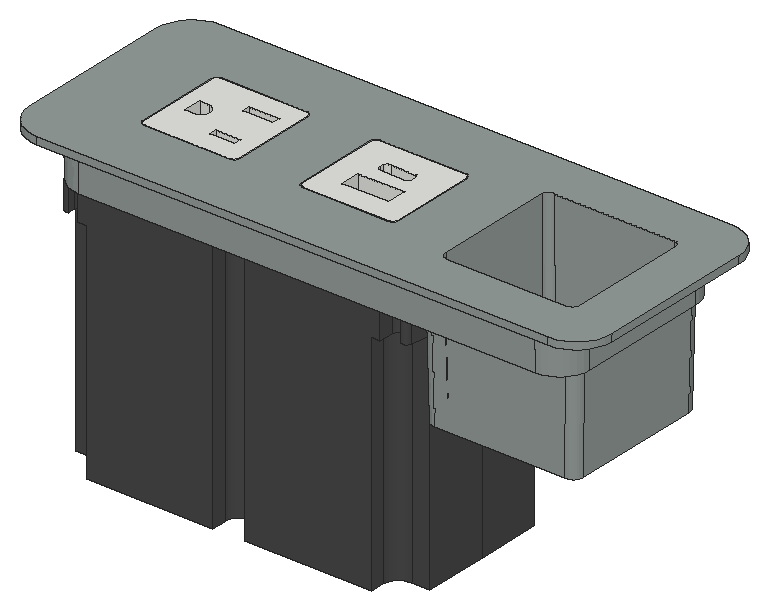
Revit family "Electrical-Teknion-YEFPA_Flush_Power_Module_Standard_Plug_In-R2022", category Furniture, Revit 2023 (continued)
Automatic sketch dimensions
  curve 271 to plane 7 "Front" = 1.38253"
  curve 272 to curve 271 = 0.02334"
  curve 278 to plane 6 "Back" = 1.38253"
  curve 277 to curve 278 = 0.02334"
  curve 277 to curve 278 = 0.02465"
  curve 271 to plane 7 "Front" = 1.45793"
  curve 272 to curve 271 = 0.02465"
  curve 270 to curve 29 = 0.000"
  curve 279 to curve 25 = 0.000"
  curve 281 to curve 17 = 0.02078"
  curve 268 to curve 21 = 0.02078"
  curve 281 to curve 39 = 0.03068"
  curve 268 to curve 31 = 0.03068"
  curve 233 to curve 267 = 0.00108"
  curve 242 to curve 282 = 0.00108"
  curve 32 to curve 264 = 0.03068"
  curve 38 to curve 284 = 0.03068"
  curve 263 to plane 7 "Front" = 1.29901"
  curve 21 to curve 263 = 0.02078"
  curve 24 to curve 285 = 0.02078"
  curve 286 to plane 6 "Back" = 1.45793"
  curve 286 to curve 37 = 0.08249"
  curve 263 to plane 7 "Front" = 1.45793"
  curve 263 to curve 33 = 0.08249"
  curve 262 to curve 33 = 0.000"
  curve 253 to curve 37 = 0.000"
  curve 254 to plane 6 "Back" = 1.38253"
  curve 253 to curve 254 = 0.00132"
  curve 261 to plane 7 "Front" = 1.38253"
  curve 262 to curve 261 = 0.00132"
  curve 262 to curve 260 = 0.02465"
  curve 253 to curve 255 = 0.02465"
  curve 259 to plane 7 "Front" = 1.42601"
  curve 260 to curve 259 = 0.05809"
  curve 256 to plane 6 "Back" = 1.42601"
  curve 255 to curve 256 = 0.05809"
  curve 257 to plane 6 "Back" = 1.63365"
  curve 257 to curve 24 = 0.03215"
  curve 258 to plane 7 "Front" = 1.63365"
  curve 258 to curve 23 = 0.03215"
  curve 247 to curve 257 = 0.09843"
  curve 284 to curve 252 = 0.06215"
  curve 278 to curve 277 = 0.02112"
  plane 1 "Center Front/Back" to curve 302 = 0.000"
  curve 184 to curve 305 = 0.00012"
  curve 298 to plane 7 "Front" = 1.45646"
  curve 208 to curve 298 = 0.00012"
  curve 114 to curve 304 = 0.00052"
  curve 110 to curve 299 = 0.00052"
  curve 300 to curve 111 = 0.0106"
  curve 303 to curve 113 = 0.0106"
  curve 302 to curve 63 = 0.22469"
  curve 302 to curve 113 = 0.04372"
  plane 1 "Center Front/Back" to curve 330 = 0.000"
  plane 1 "Center Front/Back" to curve 313 = 0.000"
  curve 195 to curve 330 = 0.00028"
  curve 194 to curve 332 = 0.00028"
  curve 196 to curve 329 = 0.00028"
  curve 198 to curve 329 = 0.00028"
  curve 193 to curve 332 = 0.00028"
  curve 193 to curve 333 = 0.00028"
  curve 198 to curve 328 = 0.00028"
  curve 193 to curve 334 = 0.00028"
  curve 327 to plane 7 "Front" = 1.38253"
  curve 198 to curve 327 = 0.00028"
  curve 199 to curve 327 = 0.00028"
  curve 191 to curve 334 = 0.00028"
  curve 191 to curve 335 = 0.00028"
  curve 200 to curve 326 = 0.00028"
  curve 338 to plane 6 "Back" = 1.45958"
  curve 323 to plane 7 "Front" = 1.45958"
  curve 110 to curve 320 = 0.03083"
  curve 115 to curve 308 = 0.03083"
  curve 308 to curve 90 = 0.08193"
  curve 319 to plane 7 "Front" = 1.45793"
  curve 319 to curve 82 = 0.08193"
  curve 318 to curve 299 = 0.000"
  curve 309 to curve 304 = 0.000"
  curve 317 to plane 7 "Front" = 1.38253"
  curve 317 to curve 82 = 0.06491"
  curve 310 to plane 6 "Back" = 1.38253"
  curve 310 to curve 90 = 0.06491"
  curve 318 to curve 316 = 0.02465"
  curve 309 to curve 311 = 0.02465"
  curve 315 to plane 7 "Front" = 1.42601"
  curve 315 to curve 220 = 0.01272"
  curve 312 to plane 6 "Back" = 1.42601"
  curve 312 to curve 211 = 0.01272"
  curve 314 to curve 120 = 0.01288"
  curve 312 to curve 119 = 0.01288"
  curve 301 to curve 313 = 0.09843"
  curve 198 to curve 329 = 0.000"
  curve 199 to curve 327 = 0.000"
  curve 196 to curve 329 = 0.000"
  curve 120 to curve 315 = 0.01926"
  curve 194 to curve 331 = 0.000"
  curve 313 to curve 119 = 0.01926"
  curve 310 to curve 311 = 0.02112"
  curve 191 to curve 335 = 0.000"
  curve 193 to curve 333 = 0.000"
  curve 193 to curve 332 = 0.000"
  curve 42 to curve 146 = 0.000"  (x2)
  curve 44 to curve 148 = 0.000"  (x2)
  curve 46 to curve 150 = 0.000"  (x2)
  curve 48 to curve 152 = 0.000"  (x2)
  curve 50 to curve 154 = 0.000"  (x2)
  curve 52 to curve 156 = 0.000"  (x2)
  curve 54 to curve 158 = 0.000"  (x2)
  curve 56 to curve 160 = 0.000"  (x2)
  curve 66 to curve 94 = 0.000"
  curve 68 to curve 96 = 0.000"  (x2)
  curve 70 to curve 98 = 0.000"  (x2)
  curve 72 to curve 100 = 0.000"  (x2)
  curve 75 to curve 103 = 0.000"
  curve 77 to curve 105 = 0.000"
  curve 31 to plane 3 "Center Left/Right" = 0.000"
  curve 39 to plane 3 "Center Left/Right" = 0.000"
  curve 197 to curve 77 = 0.01762"
  curve 194 to curve 76 = 0.01762"
  curve 202 to curve 231 = 0.09324"
  curve 47 to curve 45 = 0.06889"
  curve 20 to curve 273 = 0.07075"
  curve 19 to curve 276 = 0.07075"
  curve 27 to curve 25 = 0.05199"
  curve 26 to curve 25 = 0.02063"
  curve 28 to curve 28 = 0.03136"
  curve 279 to curve 240 = 0.08249"
  curve 270 to curve 270 = 0.08249"
  curve 269 to curve 233 = 0.09296"
  curve 280 to curve 241 = 0.09296"
  curve 30 to curve 233 = 0.06266"
  curve 40 to curve 241 = 0.06266"
  curve 18 to curve 5 = 0.23707"
  curve 5 to curve 6 = 0.06889"
  curve 4 to curve 3 = 0.06889"
  curve 188 to curve 338 = 0.00033"
  curve 204 to curve 322 = 0.00033"
  curve 339 to curve 55 = 0.16565"
  curve 55 to curve 153 = 0.06889"
  curve 8 to curve 1 = 0.06889"
  curve 281 to plane 3 "Center Left/Right" = 0.17994"
  curve 268 to plane 3 "Center Left/Right" = 0.17994"
  curve 32 to curve 265 = 0.02787"
  curve 38 to curve 284 = 0.02787"
  plane 3 "Center Left/Right" to curve 15 = 0.34311"
  curve 16 to curve 9 = 0.06889"
  curve 15 to curve 13 = 0.06889"
  curve 50 to curve 301 = 0.4615"
  curve 136 to curve 62 = 0.04984"
  curve 136 to curve 57 = 0.04984"
  curve 142 to curve 243 = 0.09714"
  curve 137 to curve 252 = 0.09714"
  curve 37 to curve 17 = 0.00952"
  curve 33 to curve 21 = 0.00952"
  curve 263 to curve 245 = 0.08249"
  curve 251 to curve 286 = 0.09471"
  curve 245 to curve 247 = 0.1054"
  curve 249 to curve 248 = 0.1054"
  plane 5 "Right" to curve 247 = 0.47224"
  curve 36 to curve 35 = 0.03136"
  curve 21 to curve 268 = 0.01944"
  curve 32 to curve 243 = 0.02983"
  curve 31 to curve 266 = 0.00309"
  curve 245 to curve 33 = 0.00003"
  curve 235 to curve 29 = 0.00003"
  curve 34 to curve 246 = 0.04372"
  curve 13 to curve 157 = 0.000"
  curve 47 to curve 66 = 0.26658"
  curve 160 to plane 1 "Center Front/Back" = 0.47383"
  curve 248 to curve 36 = 0.04372"
  curve 238 to curve 27 = 0.04372"
  curve 37 to curve 250 = 0.00003"
  curve 283 to curve 39 = 0.00309"
  curve 25 to curve 240 = 0.00003"
Nested families (in)
  nested 1: "Body 2" at (0, 0, 0), visible <- "Body 2 - C & 2R", type "Body 2"
    with To render please download texture images found here "https://assets.teknion.com/web/5e81352c1dfdb467/revit-material-swatches/", How To Use Teknion Materials User Guide "https://assets.teknion.com/m/205dd0a49fa58060/original/How-to-add-a-Material-Library-and-Texture-Images-to-your-Revit-project.pdf", For Additional Finishes please visit "https://assets.teknion.com/m/44a8009b046e5d47/original/Teknion_Materials_Library.zip"
  nested 2: "Body 3" at (0, 0, 0), visible <- "Body 3 - 3R", type "Body 3"
    with To render please download texture images found here "https://assets.teknion.com/web/5e81352c1dfdb467/revit-material-swatches/", How To Use Teknion Materials User Guide "https://assets.teknion.com/m/205dd0a49fa58060/original/How-to-add-a-Material-Library-and-Texture-Images-to-your-Revit-project.pdf", For Additional Finishes please visit "https://assets.teknion.com/m/44a8009b046e5d47/original/Teknion_Materials_Library.zip"
  nested 3: "Receptacle - Power" at (-1.34996, 0.0494, 1.38382) x (0, -1, 0) z (0, 0, 1), visible <- "Dual - 1 - Power", Receptacle Finish <- "Receptacle Finish", type "Receptacle - Power"
    with To render please download texture images found here "https://assets.teknion.com/web/5e81352c1dfdb467/revit-material-swatches/", Receptacle Finish Plastic - Teknion - 8D - Atrium White, How To Use Teknion Materials User Guide "https://assets.teknion.com/m/205dd0a49fa58060/original/How-to-add-a-Material-Library-and-Texture-Images-to-your-Revit-project.pdf", For Additional Finishes please visit "https://assets.teknion.com/m/44a8009b046e5d47/original/Teknion_Materials_Library.zip"
  nested 4: "Receptacle - USB - A + C (18W)" at (0.83643, -0.46413, 1.38382), visible <- "Dual - 2 - USB (18W)", Receptacle Finish <- "Receptacle Finish", type "Receptacle - USB - A + C (18W)"
    with To render please download texture images found here "https://assets.teknion.com/web/5e81352c1dfdb467/revit-material-swatches/", Receptacle Finish Plastic - Teknion - 8D - Atrium White, How To Use Teknion Materials User Guide "https://assets.teknion.com/m/205dd0a49fa58060/original/How-to-add-a-Material-Library-and-Texture-Images-to-your-Revit-project.pdf", For Additional Finishes please visit "https://assets.teknion.com/m/44a8009b046e5d47/original/Teknion_Materials_Library.zip"
  nested 5: "Receptacle - USB - A + C (65W)" at (0.83643, -0.46413, 1.38382), visible <- "Dual - 2 - USB (65W)", Receptacle Finish <- "Receptacle Finish", type "Receptacle - USB - A + C (65W)"
    with To render please download texture images found here "https://assets.teknion.com/web/5e81352c1dfdb467/revit-material-swatches/", Receptacle Finish Plastic - Teknion - 8D - Atrium White, How To Use Teknion Materials User Guide "https://assets.teknion.com/m/205dd0a49fa58060/original/How-to-add-a-Material-Library-and-Texture-Images-to-your-Revit-project.pdf", For Additional Finishes please visit "https://assets.teknion.com/m/44a8009b046e5d47/original/Teknion_Materials_Library.zip"
  nested 6: "Body 2" at (-0.88555, 0, 0), visible <- "Body 2 - T", type "Body 2"
    with To render please download texture images found here "https://assets.teknion.com/web/5e81352c1dfdb467/revit-material-swatches/", How To Use Teknion Materials User Guide "https://assets.teknion.com/m/205dd0a49fa58060/original/How-to-add-a-Material-Library-and-Texture-Images-to-your-Revit-project.pdf", For Additional Finishes please visit "https://assets.teknion.com/m/44a8009b046e5d47/original/Teknion_Materials_Library.zip"
  nested 7: "Receptacle - Power" at (0.42169, 0.0494, 1.38382) x (0, -1, 0) z (0, 0, 1), visible <- "Dual - 2 - Power", Receptacle Finish <- "Receptacle Finish", type "Receptacle - Power"
    with To render please download texture images found here "https://assets.teknion.com/web/5e81352c1dfdb467/revit-material-swatches/", Receptacle Finish Plastic - Teknion - 8D - Atrium White, How To Use Teknion Materials User Guide "https://assets.teknion.com/m/205dd0a49fa58060/original/How-to-add-a-Material-Library-and-Texture-Images-to-your-Revit-project.pdf", For Additional Finishes please visit "https://assets.teknion.com/m/44a8009b046e5d47/original/Teknion_Materials_Library.zip"
  nested 8: "Receptacle - Power" at (-2.23576, 0.0494, 1.38382) x (0, -1, 0) z (0, 0, 1), visible <- "Triple - 1 - Power", Receptacle Finish <- "Receptacle Finish", type "Receptacle - Power"
    with To render please download texture images found here "https://assets.teknion.com/web/5e81352c1dfdb467/revit-material-swatches/", Receptacle Finish Plastic - Teknion - 8D - Atrium White, How To Use Teknion Materials User Guide "https://assets.teknion.com/m/205dd0a49fa58060/original/How-to-add-a-Material-Library-and-Texture-Images-to-your-Revit-project.pdf", For Additional Finishes please visit "https://assets.teknion.com/m/44a8009b046e5d47/original/Teknion_Materials_Library.zip"
  nested 9: "Receptacle - Power" at (-0.46413, 0.0494, 1.38382) x (0, -1, 0) z (0, 0, 1), visible <- "Triple - 2 - Power", Receptacle Finish <- "Receptacle Finish", type "Receptacle - Power"
    with To render please download texture images found here "https://assets.teknion.com/web/5e81352c1dfdb467/revit-material-swatches/", Receptacle Finish Plastic - Teknion - 8D - Atrium White, How To Use Teknion Materials User Guide "https://assets.teknion.com/m/205dd0a49fa58060/original/How-to-add-a-Material-Library-and-Texture-Images-to-your-Revit-project.pdf", For Additional Finishes please visit "https://assets.teknion.com/m/44a8009b046e5d47/original/Teknion_Materials_Library.zip"
  nested 10: "Receptacle - USB - A + C (65W)" at (1.72222, -0.46413, 1.38382), visible <- "Triple - 3 - USB (65W)", Receptacle Finish <- "Receptacle Finish", type "Receptacle - USB - A + C (65W)"
    with To render please download texture images found here "https://assets.teknion.com/web/5e81352c1dfdb467/revit-material-swatches/", Receptacle Finish Plastic - Teknion - 8D - Atrium White, How To Use Teknion Materials User Guide "https://assets.teknion.com/m/205dd0a49fa58060/original/How-to-add-a-Material-Library-and-Texture-Images-to-your-Revit-project.pdf", For Additional Finishes please visit "https://assets.teknion.com/m/44a8009b046e5d47/original/Teknion_Materials_Library.zip"
  nested 11: "Receptacle - USB - A + C (18W)" at (1.72222, -0.46413, 1.38382), visible <- "Triple - 3 - USB (18W)", Receptacle Finish <- "Receptacle Finish", type "Receptacle - USB - A + C (18W)"
    with To render please download texture images found here "https://assets.teknion.com/web/5e81352c1dfdb467/revit-material-swatches/", Receptacle Finish Plastic - Teknion - 8D - Atrium White, How To Use Teknion Materials User Guide "https://assets.teknion.com/m/205dd0a49fa58060/original/How-to-add-a-Material-Library-and-Texture-Images-to-your-Revit-project.pdf", For Additional Finishes please visit "https://assets.teknion.com/m/44a8009b046e5d47/original/Teknion_Materials_Library.zip"
  nested 12: "Receptacle - Power" at (1.30749, 0.0494, 1.38382) x (0, -1, 0) z (0, 0, 1), visible <- "Triple - 3 - Power", Receptacle Finish <- "Receptacle Finish", type "Receptacle - Power"
    with To render please download texture images found here "https://assets.teknion.com/web/5e81352c1dfdb467/revit-material-swatches/", Receptacle Finish Plastic - Teknion - 8D - Atrium White, How To Use Teknion Materials User Guide "https://assets.teknion.com/m/205dd0a49fa58060/original/How-to-add-a-Material-Library-and-Texture-Images-to-your-Revit-project.pdf", For Additional Finishes please visit "https://assets.teknion.com/m/44a8009b046e5d47/original/Teknion_Materials_Library.zip"
  nested 13: "Receptacle - USB - A + C (65W)" at (-0.0494, -0.46413, 1.38382), visible <- "Triple - 2 - USB (65W)", Receptacle Finish <- "Receptacle Finish", type "Receptacle - USB - A + C (65W)"
    with To render please download texture images found here "https://assets.teknion.com/web/5e81352c1dfdb467/revit-material-swatches/", Receptacle Finish Plastic - Teknion - 8D - Atrium White, How To Use Teknion Materials User Guide "https://assets.teknion.com/m/205dd0a49fa58060/original/How-to-add-a-Material-Library-and-Texture-Images-to-your-Revit-project.pdf", For Additional Finishes please visit "https://assets.teknion.com/m/44a8009b046e5d47/original/Teknion_Materials_Library.zip"
  nested 14: "Receptacle - USB - A + C (18W)" at (-0.0494, -0.46413, 1.38382), visible <- "Triple - 2 - USB (18W)", Receptacle Finish <- "Receptacle Finish", type "Receptacle - USB - A + C (18W)"
    with To render please download texture images found here "https://assets.teknion.com/web/5e81352c1dfdb467/revit-material-swatches/", Receptacle Finish Plastic - Teknion - 8D - Atrium White, How To Use Teknion Materials User Guide "https://assets.teknion.com/m/205dd0a49fa58060/original/How-to-add-a-Material-Library-and-Texture-Images-to-your-Revit-project.pdf", For Additional Finishes please visit "https://assets.teknion.com/m/44a8009b046e5d47/original/Teknion_Materials_Library.zip"
  nested 15: "Teknion_2D_Node_Family-R2016" at (0, 0, 0), type "Teknion_2D_Node_Family-R2016"
Definition of nested family "Body 2"
  Parameters (values of type "Body 2")
    Warranty = "http://www.teknion.com/ca/papers/legal-canada"
    Unit Weight URL = "http://www.teknion.com/ca/tools/assets#&asset=bee6a381-b954-425e-8283-5a2de3a804f2,f828d448-4b62-4231-9e5f-9a8991c0ed77"
    URL = "www.teknion.com"
    To render please download texture images found here [instance] = "https://assets.teknion.com/web/5e81352c1dfdb467/revit-material-swatches/"
    Sustainability Data = "https://www.teknion.com/ca/tools/assets#&topic=216f99a5-57a0-44fc-b10a-9dee9b29ae4c&asset=444deb64-fe58-4b68-981e-f75e97781df7,b4ff2d81-9f2e-437d-9659-7cffb09c31cf"
    Series = ""
    Product Page URL = ""
    Product Line = ""
    Product Documentation Link = ""
    Part Number = ""
    Model = ""
    Manufacturer Phone = "416-661-3370"  # constant formula
    Manufacturer Fax = "416.661.4586"  # constant formula
    Manufacturer Contact Information = "http://www.teknion.com/ca/contactus"
    Manufacturer Address = "1150 Flint Road, Toronto, ON. M3J 2J5. Canada"  # constant formula
    Manufacturer = "Teknion"  # constant formula
    How To Use Teknion Materials User Guide [instance] = "https://assets.teknion.com/m/205dd0a49fa58060/original/How-to-add-a-Material-Library-and-Texture-Images-to-your-Revit-project.pdf"
    For Additional Finishes please visit [instance] = "https://assets.teknion.com/m/44a8009b046e5d47/original/Teknion_Materials_Library.zip"
    Description = "Body 2"
    Default Elevation = 0.000"
    Assembly Code = "E2020200"
  Reference planes (in)
    plane 1 "Center Front/Back": y = 0
    plane 2: z = 0
    plane 3 "Center Left/Right": x = 0
    plane 4 "Left": x = -1.98819
    plane 5 "Right": x = 1.98819
    plane 6 "Back": y = 1.06299
    plane 7 "Front": y = -1.06299
    plane 8 "Top": z = 28.99038
    plane 9: z = 25.69291
  Forms (in)
    Sweep 1, solid
      path origin (0, 0, 0) x (1, 0, 0) y (0, 0, 1)
        loop
          line (0, 28.99038) -> (0, 25.69291)
      profile origin (0, 0, 27.34165) x (0, -1, 0) y (1, 0, 0)
        loop
          line (0, -1.98819) -> (0.72835, -1.97548) -> (0.93599, -1.93688)
          arc (0.93599, -1.93688) -> (0.97731, -1.90662) -> (0.97947, -1.85546) r 0.05908
          line (0.97947, -1.85546) -> (0.90407, -1.85414)
          arc (0.90407, -1.85414) -> (0.82158, -1.77165) -> (0.90407, -1.68917) r 0.08249
          line (0.90407, -1.68917) -> (1.06299, -1.68639) -> (1.06299, -0.17994) -> (0.90242, -0.17714)
          arc (0.90242, -0.17714) -> (0.72528, 0) -> (0.90242, 0.17714) r 0.17714
          line (0.90242, 0.17714) -> (1.06299, 0.17994) -> (1.06299, 1.68639) -> (0.90407, 1.68917)
          arc (0.90407, 1.68917) -> (0.82158, 1.77165) -> (0.90407, 1.85414) r 0.08249
          line (0.90407, 1.85414) -> (0.97947, 1.85546)
          arc (0.97947, 1.85546) -> (0.97731, 1.90662) -> (0.93599, 1.93688) r 0.05908
          line (0.93599, 1.93688) -> (0.72835, 1.97548) -> (0, 1.98819) -> (-0.72835, 1.97548) -> (-0.93599, 1.93688)
          arc (-0.93599, 1.93688) -> (-0.97731, 1.90662) -> (-0.97947, 1.85546) r 0.05908
          line (-0.97947, 1.85546) -> (-0.90407, 1.85414)
          arc (-0.90407, 1.85414) -> (-0.82158, 1.77165) -> (-0.90407, 1.68917) r 0.08249
          line (-0.90407, 1.68917) -> (-1.06299, 1.68639) -> (-1.06299, 0.17994) -> (-0.90242, 0.17714)
          arc (-0.90242, 0.17714) -> (-0.72528, 0) -> (-0.90242, -0.17714) r 0.17714
          line (-0.90242, -0.17714) -> (-1.06299, -0.17994) -> (-1.06299, -1.68639) -> (-0.90407, -1.68917)
          arc (-0.90407, -1.68917) -> (-0.82158, -1.77165) -> (-0.90407, -1.85414) r 0.08249
          line (-0.90407, -1.85414) -> (-0.97947, -1.85546)
          arc (-0.97947, -1.85546) -> (-0.97731, -1.90662) -> (-0.93599, -1.93688) r 0.05908
          line (-0.93599, -1.93688) -> (-0.72835, -1.97548) -> (0, -1.98819)
    Sweep 2, void
      path origin (0, 0, 0) x (1, 0, 0) y (0, 0, 1)
        loop
          line (0, 28.23115) -> (0, 24.98115)
      profile origin (0, 0, 26.60615) x (0, -1, 0) y (1, 0, 0)
        loop
          line (-0.90554, -1.59446) -> (-1.06299, -1.59171) -> (-1.06299, -1.98819) -> (-0.72835, -1.98819) -> (-0.72835, -1.77165)
          arc (-0.72835, -1.77165) -> (-0.78025, -1.64636) -> (-0.90554, -1.59446) r 0.17719
        loop
          arc (-0.90554, 1.59446) -> (-0.78025, 1.64636) -> (-0.72835, 1.77165) r 0.17719
          line (-0.72835, 1.77165) -> (-0.72835, 1.98819) -> (-1.06299, 1.98819) -> (-1.06299, 1.59171) -> (-0.90554, 1.59446)
        loop
          arc (0.90554, -1.59446) -> (0.78025, -1.64636) -> (0.72835, -1.77165) r 0.17719
          line (0.72835, -1.77165) -> (0.72835, -1.98819) -> (1.06299, -1.98819) -> (1.06299, -1.59171) -> (0.90554, -1.59446)
        loop
          line (0.90554, 1.59446) -> (1.06299, 1.59171) -> (1.06299, 1.98819) -> (0.72835, 1.98819) -> (0.72835, 1.77165)
          arc (0.72835, 1.77165) -> (0.78025, 1.64636) -> (0.90554, 1.59446) r 0.17719
    Sweep 3, void
      path origin (0, 0, 0) x (1, 0, 0) y (0, 0, 1)
        loop
          line (0, 29.24673) -> (0, 28.52756)
      profile origin (0, 0, 28.88715) x (0, -1, 0) y (1, 0, 0)
        loop
          line (0, -1.88976) -> (0.72835, -1.87705) -> (0.72835, -1.77165)
          arc (0.72835, -1.77165) -> (0.78025, -1.64636) -> (0.90554, -1.59446) r 0.17719
          line (0.90554, -1.59446) -> (0.96457, -1.59343) -> (0.96457, 1.59343) -> (0.90554, 1.59446)
          arc (0.90554, 1.59446) -> (0.78025, 1.64636) -> (0.72835, 1.77165) r 0.17719
          line (0.72835, 1.77165) -> (0.72835, 1.87705) -> (0, 1.88976) -> (-0.72835, 1.87705) -> (-0.72835, 1.77165)
          arc (-0.72835, 1.77165) -> (-0.78025, 1.64636) -> (-0.90554, 1.59446) r 0.17719
          line (-0.90554, 1.59446) -> (-0.96457, 1.59343) -> (-0.96457, -1.59343) -> (-0.90554, -1.59446)
          arc (-0.90554, -1.59446) -> (-0.78025, -1.64636) -> (-0.72835, -1.77165) r 0.17719
          line (-0.72835, -1.77165) -> (-0.72835, -1.87705) -> (0, -1.88976)
        loop
          line (-1.26924, -2.33388) -> (1.37236, -2.33388) -> (1.37236, 2.41612) -> (-1.26924, 2.41612) -> (-1.26924, -2.33388)
    Sweep 4, void
      path origin (0, 0, 0) x (1, 0, 0) y (0, 0, 1)
        loop
          line (0, 28.87913) -> (0, 29.37913)
      profile origin (0, 0, 29.12913) x (-1, 0, 0) y (0, -1, 0)
        loop
          line (1.42743, -0.55118) -> (1.42743, 0.55118) -> (0.34427, 0.55118) -> (0.34427, -0.55118) -> (1.42743, -0.55118)
        loop
          line (-0.3443, -0.55118) -> (-0.3443, 0.55118) -> (-1.42739, 0.55118) -> (-1.42739, -0.55118) -> (-0.3443, -0.55118)
  Cuts and joins
    Sweep 2, Sweep 3, Sweep 4 cuts Sweep 1
  Lines and regions (in)
    symbolic lines
      curve 1: line (-0.17994, 1.06299, 0) -> (-1.68639, 1.06299, 0)
      curve 2: line (-1.68639, 1.06299, 0) -> (-1.68917, 0.90407, 0)
      curve 3: arc (-1.68917, 0.90407, 0) -> (-1.77165, 0.82158, 0) -> (-1.85414, 0.90407, 0) r 0.08249
      curve 4: line (-1.85414, 0.90407, 0) -> (-1.85546, 0.97947, 0)
      curve 5: arc (-1.85546, 0.97947, 0) -> (-1.90662, 0.97731, 0) -> (-1.93688, 0.93599, 0) r 0.05908
      curve 6: line (-1.93688, 0.93599, 0) -> (-1.97548, 0.72835, 0)
      curve 7: line (-1.97548, 0.72835, 0) -> (-1.98819, 0, 0)
      curve 8: line (-0.17714, 0.90242, 0) -> (-0.17994, 1.06299, 0)
      curve 9: arc (0.17714, 0.90242, 0) -> (0, 0.72528, 0) -> (-0.17714, 0.90242, 0) r 0.17714
      curve 10: line (-1.59343, 0.96457, 0) -> (-0.17822, 0.96457, 0)
      curve 11: arc (-1.77165, 0.72835, 0) -> (-1.64636, 0.78025, 0) -> (-1.59446, 0.90554, 0) r 0.17719
      curve 12: line (-1.59446, 0.90554, 0) -> (-1.59343, 0.96457, 0)
      curve 13: line (-1.88976, 0, 0) -> (-1.87705, 0.72835, 0)
      curve 14: line (-1.87705, 0.72835, 0) -> (-1.77165, 0.72835, 0)
      curve 15: line (-0.34427, 0.55118, 0) -> (-1.42743, 0.55118, 0)
      curve 16: line (-1.42743, 0.55118, 0) -> (-1.42743, -0.55118, 0)
      curve 17: line (-0.34427, -0.55118, 0) -> (-0.34427, 0.55118, 0)
      curve 18: line (0.17994, 1.06299, 0) -> (1.68639, 1.06299, 0)
      curve 19: line (1.68639, 1.06299, 0) -> (1.68917, 0.90407, 0)
      curve 20: arc (1.68917, 0.90407, 0) -> (1.77165, 0.82158, 0) -> (1.85414, 0.90407, 0) r 0.08249
      curve 21: line (1.85414, 0.90407, 0) -> (1.85546, 0.97947, 0)
      curve 22: arc (1.85546, 0.97947, 0) -> (1.90662, 0.97731, 0) -> (1.93688, 0.93599, 0) r 0.05908
      curve 23: line (1.93688, 0.93599, 0) -> (1.97548, 0.72835, 0)
      curve 24: line (1.97548, 0.72835, 0) -> (1.98819, 0, 0)
      curve 25: line (0.17714, 0.90242, 0) -> (0.17994, 1.06299, 0)
      curve 26: line (1.59343, 0.96457, 0) -> (0.17822, 0.96457, 0)
      curve 27: arc (1.77165, 0.72835, 0) -> (1.64636, 0.78025, 0) -> (1.59446, 0.90554, 0) r 0.17719
      curve 28: line (1.59446, 0.90554, 0) -> (1.59343, 0.96457, 0)
      curve 29: line (1.88976, 0, 0) -> (1.87705, 0.72835, 0)
      curve 30: line (1.87705, 0.72835, 0) -> (1.77165, 0.72835, 0)
      curve 31: line (0.34427, 0.55118, 0) -> (1.42743, 0.55118, 0)
      curve 32: line (1.42743, 0.55118, 0) -> (1.42743, -0.55118, 0)
      curve 33: line (0.34427, -0.55118, 0) -> (0.34427, 0.55118, 0)
      curve 34: line (-0.17994, -1.06299, 0) -> (-1.68639, -1.06299, 0)
      curve 35: line (-1.68639, -1.06299, 0) -> (-1.68917, -0.90407, 0)
      curve 36: arc (-1.68917, -0.90407, 0) -> (-1.77165, -0.82158, 0) -> (-1.85414, -0.90407, 0) r 0.08249
      curve 37: line (-1.85414, -0.90407, 0) -> (-1.85546, -0.97947, 0)
      curve 38: arc (-1.85546, -0.97947, 0) -> (-1.90662, -0.97731, 0) -> (-1.93688, -0.93599, 0) r 0.05908
      curve 39: line (-1.93688, -0.93599, 0) -> (-1.97548, -0.72835, 0)
      curve 40: line (-1.97548, -0.72835, 0) -> (-1.98819, 0, 0)
      curve 41: line (-0.17714, -0.90242, 0) -> (-0.17994, -1.06299, 0)
      curve 42: arc (0.17714, -0.90242, 0) -> (0, -0.72528, 0) -> (-0.17714, -0.90242, 0) r 0.17714
      curve 43: line (-1.59343, -0.96457, 0) -> (-0.17822, -0.96457, 0)
      curve 44: arc (-1.77165, -0.72835, 0) -> (-1.64636, -0.78025, 0) -> (-1.59446, -0.90554, 0) r 0.17719
      curve 45: line (-1.59446, -0.90554, 0) -> (-1.59343, -0.96457, 0)
      curve 46: line (-1.88976, 0, 0) -> (-1.87705, -0.72835, 0)
      curve 47: line (-1.87705, -0.72835, 0) -> (-1.77165, -0.72835, 0)
      curve 48: line (-0.34427, -0.55118, 0) -> (-1.42743, -0.55118, 0)
      curve 49: line (0.17994, -1.06299, 0) -> (1.68639, -1.06299, 0)
      curve 50: line (1.68639, -1.06299, 0) -> (1.68917, -0.90407, 0)
      curve 51: arc (1.68917, -0.90407, 0) -> (1.77165, -0.82158, 0) -> (1.85414, -0.90407, 0) r 0.08249
      curve 52: line (1.85414, -0.90407, 0) -> (1.85546, -0.97947, 0)
      curve 53: arc (1.85546, -0.97947, 0) -> (1.90662, -0.97731, 0) -> (1.93688, -0.93599, 0) r 0.05908
      curve 54: line (1.93688, -0.93599, 0) -> (1.97548, -0.72835, 0)
      curve 55: line (1.97548, -0.72835, 0) -> (1.98819, 0, 0)
      curve 56: line (0.17714, -0.90242, 0) -> (0.17994, -1.06299, 0)
      curve 57: line (1.59343, -0.96457, 0) -> (0.17822, -0.96457, 0)
      curve 58: arc (1.77165, -0.72835, 0) -> (1.64636, -0.78025, 0) -> (1.59446, -0.90554, 0) r 0.17719
      curve 59: line (1.59446, -0.90554, 0) -> (1.59343, -0.96457, 0)
      curve 60: line (1.88976, 0, 0) -> (1.87705, -0.72835, 0)
      curve 61: line (1.87705, -0.72835, 0) -> (1.77165, -0.72835, 0)
      curve 62: line (0.34427, -0.55118, 0) -> (1.42743, -0.55118, 0)
    symbolic lines, detail levels medium+fine
      curve 63: line (-1.59446, 0.90554, 0) -> (-1.59171, 1.06299, 0)
      curve 64: line (-1.97548, 0.72835, 0) -> (-1.77165, 0.72835, 0)
      curve 65: line (-1.77165, -0.72835, 0) -> (-1.97548, -0.72835, 0)
      curve 66: line (-1.59171, -1.06299, 0) -> (-1.59446, -0.90554, 0)
      curve 67: line (1.59446, -0.90554, 0) -> (1.59171, -1.06299, 0)
      curve 68: line (1.97548, -0.72835, 0) -> (1.77165, -0.72835, 0)
      curve 69: line (1.77165, 0.72835, 0) -> (1.97548, 0.72835, 0)
      curve 70: line (1.59171, 1.06299, 0) -> (1.59446, 0.90554, 0)
  Dimensions and locks (in)
    plane 4 "Left" to plane 5 "Right" = 3.97638"
    plane 6 "Back" to plane 7 "Front" = 2.12598"
    locked: plane 8 "Top" to level at 28.99038
    equal spacing: plane 6 "Back", plane 1 "Center Front/Back", plane 7 "Front"
    equal spacing: plane 4 "Left", plane 3 "Center Left/Right", plane 5 "Right"
    locked: plane 8 "Top" to plane 9 at 3.29747
    aligned and locked: level to plane 2
    aligned and locked: Sweep 1 sketch curve to plane 3 "Center Left/Right"
    aligned and locked: Sweep 2 sketch curve to plane 3 "Center Left/Right"
    aligned and locked: Sweep 3 sketch curve to plane 3 "Center Left/Right"
    aligned and locked: plane 3 "Center Left/Right" to Sweep 4 sketch curve
  Automatic sketch dimensions
    Sweep 1 sketch curve to plane 9 = 0.000"
    plane 8 "Top" to Sweep 1 sketch curve = 0.000"
    Sweep 1 sketch curve to profile plane = 0.000"  (x2)
    Sweep 1 sketch curve to plane 1 "Center Front/Back" = 0.000"
    plane 1 "Center Front/Back" to Sweep 1 sketch curve = 0.000"
    Sweep 1 sketch curve to plane 1 "Center Front/Back" = 0.72835"  (x2)
    Sweep 1 sketch curve to profile plane = 0.17714"
    Sweep 1 sketch curve to plane 1 "Center Front/Back" = 0.90242"
    Sweep 1 sketch curve to Sweep 1 sketch curve = 0.17573"  (x4)
    Sweep 1 sketch curve to Sweep 1 sketch curve = 0.02112"  (x4)
    Sweep 1 sketch curve to Sweep 1 sketch curve = 0.0108"  (x4)
    Sweep 1 sketch curve to Sweep 1 sketch curve = 0.05428"  (x4)
    Sweep 1 sketch curve to Sweep 1 sketch curve = 0.16057"  (x2)
    Sweep 1 sketch curve to Sweep 1 sketch curve = 0.15892"  (x2)
    plane 1 "Center Front/Back" to Sweep 1 sketch curve = 0.72835"  (x2)
    plane 1 "Center Front/Back" to Sweep 1 sketch curve = 0.90242"
    Sweep 1 sketch curve to profile plane = 0.17994"
    Sweep 1 sketch curve to Sweep 1 sketch curve = 0.0028"  (x3)
    profile plane to Sweep 1 sketch curve = 0.17994"
    Sweep 1 sketch curve to Sweep 1 sketch curve = 1.50645"  (x4)
    Sweep 1 sketch curve to Sweep 1 sketch curve = 0.00277"  (x4)
    Sweep 1 sketch curve to Sweep 1 sketch curve = 0.08249"  (x4)
    Sweep 1 sketch curve to Sweep 1 sketch curve = 0.00132"  (x4)
    Sweep 1 sketch curve to Sweep 1 sketch curve = 0.02465"  (x4)
    Sweep 1 sketch curve to Sweep 1 sketch curve = 0.03859"  (x4)
    Sweep 1 sketch curve to Sweep 1 sketch curve = 0.01271"  (x2)
    Sweep 2 sketch curve to plane 9 = 0.71176"
    Sweep 2 sketch curve to plane 8 "Top" = 0.75923"
    Sweep 2 sketch curve to plane 1 "Center Front/Back" = 1.06299"  (x2)
    Sweep 2 sketch curve to Sweep 2 sketch curve = 0.15745"  (x4)
    Sweep 2 sketch curve to Sweep 2 sketch curve = 0.17719"  (x4)
    plane 1 "Center Front/Back" to Sweep 2 sketch curve = 0.72835"  (x2)
    profile plane to Sweep 2 sketch curve = 1.98819"
    Sweep 2 sketch curve to Sweep 2 sketch curve = 0.000"
    Sweep 2 sketch curve to Sweep 2 sketch curve = 0.21654"  (x4)
    Sweep 2 sketch curve to Sweep 2 sketch curve = 0.00275"  (x4)
    Sweep 2 sketch curve to profile plane = 1.59171"  (x2)
    Sweep 3 sketch curve to plane 8 "Top" = 0.46282"
    plane 8 "Top" to Sweep 3 sketch curve = 0.25635"
    plane 1 "Center Front/Back" to Sweep 3 sketch curve = 0.000"  (x2)
    Sweep 3 sketch curve to plane 1 "Center Front/Back" = 0.72835"  (x2)
    Sweep 3 sketch curve to Sweep 3 sketch curve = 0.17719"  (x4)
    Sweep 3 sketch curve to Sweep 3 sketch curve = 0.05903"  (x2)
    Sweep 3 sketch curve to Sweep 3 sketch curve = 0.3637"
    plane 1 "Center Front/Back" to Sweep 3 sketch curve = 0.72835"  (x2)
    Sweep 3 sketch curve to Sweep 3 sketch curve = 0.46682"
    profile plane to Sweep 3 sketch curve = 2.33388"
    Sweep 3 sketch curve to Sweep 3 sketch curve = 0.44411"
    Sweep 3 sketch curve to Sweep 3 sketch curve = 0.45683"
    Sweep 3 sketch curve to Sweep 3 sketch curve = 0.01271"  (x2)
    Sweep 3 sketch curve to Sweep 3 sketch curve = 0.1054"  (x4)
    Sweep 3 sketch curve to Sweep 3 sketch curve = 0.00103"  (x4)
    Sweep 3 sketch curve to profile plane = 1.59343"  (x2)
    Sweep 3 sketch curve to Sweep 3 sketch curve = 0.64447"
    Sweep 4 sketch curve to plane 8 "Top" = 0.11125"
    plane 8 "Top" to Sweep 4 sketch curve = 0.38875"
    Sweep 4 sketch curve to plane 1 "Center Front/Back" = 0.55118"  (x2)
    profile plane to Sweep 4 sketch curve = 1.42739"
    profile plane to Sweep 4 sketch curve = 0.3443"
    Sweep 4 sketch curve to profile plane = 0.34427"
    Sweep 4 sketch curve to Sweep 4 sketch curve = 1.08316"
    plane 1 "Center Front/Back" to Sweep 4 sketch curve = 0.55118"  (x2)
    curve 7 to plane 1 "Center Front/Back" = 0.000"
    curve 7 to plane 4 "Left" = 0.000"
    plane 1 "Center Front/Back" to curve 46 = 0.000"
    plane 7 "Front" to curve 34 = 0.000"
    curve 1 to plane 6 "Back" = 0.000"
    curve 9 to plane 3 "Center Left/Right" = 0.000"
    curve 42 to plane 3 "Center Left/Right" = 0.000"
    plane 7 "Front" to curve 56 = 0.000"
    curve 25 to plane 6 "Back" = 0.000"
    plane 1 "Center Front/Back" to curve 60 = 0.000"
    plane 1 "Center Front/Back" to curve 55 = 0.000"
    curve 55 to plane 5 "Right" = 0.000"
    plane 4 "Left" to curve 39 = 0.01271"
    plane 4 "Left" to curve 7 = 0.01271"
    plane 4 "Left" to curve 6 = 0.05131"
    plane 4 "Left" to curve 39 = 0.05131"
    plane 4 "Left" to curve 46 = 0.09843"
    curve 5 to curve 5 = 0.05809"
    curve 38 to curve 38 = 0.05809"
    curve 40 to curve 46 = 0.09843"
    curve 6 to curve 14 = 0.09843"
    curve 4 to plane 6 "Back" = 0.08352"
    curve 5 to curve 4 = 0.02334"
    curve 37 to plane 7 "Front" = 0.08352"
    curve 38 to curve 37 = 0.02334"
    curve 5 to curve 4 = 0.02465"
    curve 38 to curve 37 = 0.02465"
    curve 36 to curve 36 = 0.08249"
    curve 3 to curve 3 = 0.08249"
    curve 11 to curve 3 = 0.000"
    curve 46 to curve 47 = 0.1054"
    curve 35 to curve 34 = 0.00277"
    curve 2 to curve 1 = 0.00277"
    curve 45 to plane 7 "Front" = 0.15745"
    curve 35 to curve 45 = 0.09471"
    curve 12 to plane 6 "Back" = 0.15745"
    curve 3 to curve 12 = 0.09471"
    curve 12 to plane 6 "Back" = 0.09843"
    curve 12 to curve 12 = 0.00103"
    curve 45 to plane 7 "Front" = 0.09843"
    curve 44 to curve 45 = 0.00103"
    curve 11 to curve 16 = 0.34422"
    curve 15 to plane 3 "Center Left/Right" = 0.34427"
    curve 34 to plane 3 "Center Left/Right" = 0.17994"
    curve 1 to plane 3 "Center Left/Right" = 0.17994"
    curve 34 to curve 41 = 0.0028"
    curve 1 to curve 8 = 0.0028"
    curve 56 to curve 56 = 0.0028"
    curve 25 to curve 25 = 0.0028"
    plane 3 "Center Left/Right" to curve 33 = 0.34427"
    plane 5 "Right" to curve 31 = 0.56076"
    curve 26 to plane 6 "Back" = 0.09843"
    plane 5 "Right" to curve 26 = 0.39476"
    curve 59 to plane 7 "Front" = 0.09843"
    plane 5 "Right" to curve 59 = 0.39476"
    curve 28 to plane 6 "Back" = 0.15745"
    curve 26 to curve 28 = 0.00103"
    curve 59 to plane 7 "Front" = 0.15745"
    curve 57 to curve 59 = 0.00103"
    curve 26 to curve 18 = 0.09296"
    curve 57 to curve 50 = 0.09296"
    curve 27 to curve 19 = 0.09471"
    curve 58 to curve 50 = 0.09471"
    curve 20 to curve 30 = 0.08249"
    curve 50 to curve 58 = 0.08249"
    curve 51 to curve 58 = 0.000"
    curve 20 to curve 27 = 0.000"
    curve 51 to curve 52 = 0.00132"
    curve 20 to curve 21 = 0.00132"
    curve 58 to curve 61 = 0.1054"
    curve 27 to curve 29 = 0.1054"
    curve 20 to curve 22 = 0.02465"
    curve 51 to curve 53 = 0.02465"
    plane 5 "Right" to curve 60 = 0.09843"
    plane 5 "Right" to curve 23 = 0.05131"
    plane 5 "Right" to curve 54 = 0.05131"
    plane 5 "Right" to curve 24 = 0.01271"
    plane 5 "Right" to curve 54 = 0.01271"
    curve 52 to plane 7 "Front" = 0.08352"
    curve 52 to curve 54 = 0.04348"
    curve 37 to curve 39 = 0.04348"
    curve 58 to curve 51 = 0.00147"
    curve 44 to curve 36 = 0.00147"
    curve 42 to plane 7 "Front" = 0.16057"
    curve 47 to curve 16 = 0.17716"
    curve 56 to curve 33 = 0.35124"
    curve 15 to curve 11 = 0.17716"
    curve 32 to curve 30 = 0.17716"
    curve 25 to curve 26 = 0.06215"
    curve 4 to curve 5 = 0.0754"
    curve 21 to curve 27 = 0.00147"
    curve 3 to curve 5 = 0.02112"
    curve 20 to curve 22 = 0.02112"
    curve 22 to curve 23 = 0.0108"
    curve 1 to curve 63 = 0.09468"
    curve 34 to curve 66 = 0.09468"
    curve 67 to curve 49 = 0.09468"
    curve 70 to curve 18 = 0.09468"
Definition of nested family "Body 3"
  Parameters (values of type "Body 3")
    Warranty = "http://www.teknion.com/ca/papers/legal-canada"
    Unit Weight URL = "http://www.teknion.com/ca/tools/assets#&asset=bee6a381-b954-425e-8283-5a2de3a804f2,f828d448-4b62-4231-9e5f-9a8991c0ed77"
    URL = "www.teknion.com"
    To render please download texture images found here [instance] = "https://assets.teknion.com/web/5e81352c1dfdb467/revit-material-swatches/"
    Sustainability Data = "https://www.teknion.com/ca/tools/assets#&topic=216f99a5-57a0-44fc-b10a-9dee9b29ae4c&asset=444deb64-fe58-4b68-981e-f75e97781df7,b4ff2d81-9f2e-437d-9659-7cffb09c31cf"
    Series = ""
    Product Page URL = ""
    Product Line = ""
    Product Documentation Link = ""
    Part Number = ""
    Model = ""
    Manufacturer Phone = "416-661-3370"  # constant formula
    Manufacturer Fax = "416.661.4586"  # constant formula
    Manufacturer Contact Information = "http://www.teknion.com/ca/contactus"
    Manufacturer Address = "1150 Flint Road, Toronto, ON. M3J 2J5. Canada"  # constant formula
    Manufacturer = "Teknion"  # constant formula
    How To Use Teknion Materials User Guide [instance] = "https://assets.teknion.com/m/205dd0a49fa58060/original/How-to-add-a-Material-Library-and-Texture-Images-to-your-Revit-project.pdf"
    For Additional Finishes please visit [instance] = "https://assets.teknion.com/m/44a8009b046e5d47/original/Teknion_Materials_Library.zip"
    Description = "Body 3"
    Default Elevation = 0.000"
    Assembly Code = "E2020200"
  Reference planes (in)
    plane 1 "Center Front/Back": y = 0
    plane 2: z = 0
    plane 3 "Center Left/Right": x = 0
    plane 4 "Left": x = -2.87402
    plane 5 "Right": x = 2.87402
    plane 6 "Back": y = 1.06299
    plane 7 "Front": y = -1.06299
    plane 8 "Top": z = 28.99038
    plane 9: z = 25.69291
  Forms (in)
    Sweep 1, solid
      path origin (0, 0, 0) x (1, 0, 0) y (0, 0, 1)
        loop
          line (0, 28.99038) -> (0, 25.69291)
      profile origin (0, 0, 27.34165) x (0, -1, 0) y (1, 0, 0)
        loop
          line (0, -2.87402) -> (0.72835, -2.8613) -> (0.93599, -2.82271)
          arc (0.93599, -2.82271) -> (0.97731, -2.79245) -> (0.97947, -2.74128) r 0.05908
          line (0.97947, -2.74128) -> (0.90407, -2.73997)
          arc (0.90407, -2.73997) -> (0.82158, -2.65748) -> (0.90407, -2.57499) r 0.08249
          line (0.90407, -2.57499) -> (1.06299, -2.57222) -> (1.06299, -1.06577) -> (0.90242, -1.06297)
          arc (0.90242, -1.06297) -> (0.72528, -0.88583) -> (0.90242, -0.70869) r 0.17714
          line (0.90242, -0.70869) -> (1.06299, -0.70589) -> (1.06299, 0.70589) -> (0.90242, 0.70869)
          arc (0.90242, 0.70869) -> (0.72528, 0.88583) -> (0.90242, 1.06297) r 0.17714
          line (0.90242, 1.06297) -> (1.06299, 1.06577) -> (1.06299, 2.57222) -> (0.90407, 2.57499)
          arc (0.90407, 2.57499) -> (0.82158, 2.65748) -> (0.90407, 2.73997) r 0.08249
          line (0.90407, 2.73997) -> (0.97947, 2.74128)
          arc (0.97947, 2.74128) -> (0.97731, 2.79245) -> (0.93599, 2.82271) r 0.05908
          line (0.93599, 2.82271) -> (0.72835, 2.8613) -> (0, 2.87402) -> (-0.72835, 2.8613) -> (-0.93599, 2.82271)
          arc (-0.93599, 2.82271) -> (-0.97731, 2.79245) -> (-0.97947, 2.74128) r 0.05908
          line (-0.97947, 2.74128) -> (-0.90407, 2.73997)
          arc (-0.90407, 2.73997) -> (-0.82158, 2.65748) -> (-0.90407, 2.57499) r 0.08249
          line (-0.90407, 2.57499) -> (-1.06299, 2.57222) -> (-1.06299, 1.06577) -> (-0.90242, 1.06297)
          arc (-0.90242, 1.06297) -> (-0.72528, 0.88583) -> (-0.90242, 0.70869) r 0.17714
          line (-0.90242, 0.70869) -> (-1.06299, 0.70589) -> (-1.06299, -0.70589) -> (-0.90242, -0.70869)
          arc (-0.90242, -0.70869) -> (-0.72528, -0.88583) -> (-0.90242, -1.06297) r 0.17714
          line (-0.90242, -1.06297) -> (-1.06299, -1.06577) -> (-1.06299, -2.57222) -> (-0.90407, -2.57499)
          arc (-0.90407, -2.57499) -> (-0.82158, -2.65748) -> (-0.90407, -2.73997) r 0.08249
          line (-0.90407, -2.73997) -> (-0.97947, -2.74128)
          arc (-0.97947, -2.74128) -> (-0.97731, -2.79245) -> (-0.93599, -2.82271) r 0.05908
          line (-0.93599, -2.82271) -> (-0.72835, -2.8613) -> (0, -2.87402)
    Sweep 2, void
      path origin (0, 0, 0) x (1, 0, 0) y (0, 0, 1)
        loop
          line (0, 28.23115) -> (0, 24.98115)
      profile origin (0, 0, 26.60615) x (0, -1, 0) y (1, 0, 0)
        loop
          line (-0.90554, -2.48029) -> (-1.06299, -2.47754) -> (-1.06299, -2.87402) -> (-0.72835, -2.87402) -> (-0.72835, -2.65748)
          arc (-0.72835, -2.65748) -> (-0.78025, -2.53219) -> (-0.90554, -2.48029) r 0.17719
        loop
          arc (-0.90554, 2.48029) -> (-0.78025, 2.53219) -> (-0.72835, 2.65748) r 0.17719
          line (-0.72835, 2.65748) -> (-0.72835, 2.87402) -> (-1.06299, 2.87402) -> (-1.06299, 2.47754) -> (-0.90554, 2.48029)
        loop
          arc (0.90554, -2.48029) -> (0.78025, -2.53219) -> (0.72835, -2.65748) r 0.17719
          line (0.72835, -2.65748) -> (0.72835, -2.87402) -> (1.06299, -2.87402) -> (1.06299, -2.47754) -> (0.90554, -2.48029)
        loop
          line (0.90554, 2.48029) -> (1.06299, 2.47754) -> (1.06299, 2.87402) -> (0.72835, 2.87402) -> (0.72835, 2.65748)
          arc (0.72835, 2.65748) -> (0.78025, 2.53219) -> (0.90554, 2.48029) r 0.17719
    Sweep 3, void
      path origin (0, 0, 0) x (1, 0, 0) y (0, 0, 1)
        loop
          line (0, 29.24673) -> (0, 28.52756)
      profile origin (0, 0, 28.88715) x (0, -1, 0) y (1, 0, 0)
        loop
          line (0, -2.77559) -> (0.72835, -2.76288) -> (0.72835, -2.65748)
          arc (0.72835, -2.65748) -> (0.78025, -2.53219) -> (0.90554, -2.48029) r 0.17719
          line (0.90554, -2.48029) -> (0.96457, -2.47926) -> (0.96457, 2.47926) -> (0.90554, 2.48029)
          arc (0.90554, 2.48029) -> (0.78025, 2.53219) -> (0.72835, 2.65748) r 0.17719
          line (0.72835, 2.65748) -> (0.72835, 2.76288) -> (0, 2.77559) -> (-0.72835, 2.76288) -> (-0.72835, 2.65748)
          arc (-0.72835, 2.65748) -> (-0.78025, 2.53219) -> (-0.90554, 2.48029) r 0.17719
          line (-0.90554, 2.48029) -> (-0.96457, 2.47926) -> (-0.96457, -2.47926) -> (-0.90554, -2.48029)
          arc (-0.90554, -2.48029) -> (-0.78025, -2.53219) -> (-0.72835, -2.65748) r 0.17719
          line (-0.72835, -2.65748) -> (-0.72835, -2.76288) -> (0, -2.77559)
        loop
          line (-1.26924, -3.2197) -> (1.37236, -3.2197) -> (1.37236, 3.30195) -> (-1.26924, 3.30195) -> (-1.26924, -3.2197)
    Sweep 4, void
      path origin (0, 0, 0) x (1, 0, 0) y (0, 0, 1)
        loop
          line (0, 28.87913) -> (0, 29.37913)
      profile origin (0, 0, 29.12913) x (-1, 0, 0) y (0, -1, 0)
        loop
          line (2.31321, -0.55118) -> (2.31321, 0.55118) -> (1.23005, 0.55118) -> (1.23005, -0.55118) -> (2.31321, -0.55118)
        loop
          line (-2.31321, -0.55118) -> (-1.23005, -0.55118) -> (-1.23005, 0.55118) -> (-2.31321, 0.55118) -> (-2.31321, -0.55118)
        loop
          line (-0.54158, -0.55118) -> (0.54158, -0.55118) -> (0.54158, 0.55118) -> (-0.54158, 0.55118) -> (-0.54158, -0.55118)
  Cuts and joins
    Sweep 2, Sweep 3, Sweep 4 cuts Sweep 1
  Lines and regions (in)
    symbolic lines
      curve 1: line (-1.06577, 1.06299, 0) -> (-2.57222, 1.06299, 0)
      curve 2: line (-2.57222, 1.06299, 0) -> (-2.57499, 0.90407, 0)
      curve 3: arc (-2.57499, 0.90407, 0) -> (-2.65748, 0.82158, 0) -> (-2.73997, 0.90407, 0) r 0.08249
      curve 4: line (-2.73997, 0.90407, 0) -> (-2.74128, 0.97947, 0)
      curve 5: arc (-2.74128, 0.97947, 0) -> (-2.79245, 0.97731, 0) -> (-2.82271, 0.93599, 0) r 0.05908
      curve 6: line (-2.82271, 0.93599, 0) -> (-2.8613, 0.72835, 0)
      curve 7: line (-2.8613, 0.72835, 0) -> (-2.87402, 0, 0)
      curve 8: line (-1.06297, 0.90242, 0) -> (-1.06577, 1.06299, 0)
      curve 9: arc (-0.70869, 0.90242, 0) -> (-0.88583, 0.72528, 0) -> (-1.06297, 0.90242, 0) r 0.17714
      curve 10: line (-2.47926, 0.96457, 0) -> (-1.06405, 0.96457, 0)
      curve 11: arc (-2.65748, 0.72835, 0) -> (-2.53219, 0.78025, 0) -> (-2.48029, 0.90554, 0) r 0.17719
      curve 12: line (-2.48029, 0.90554, 0) -> (-2.47926, 0.96457, 0)
      curve 13: line (-2.77559, 0, 0) -> (-2.76288, 0.72835, 0)
      curve 14: line (-2.76288, 0.72835, 0) -> (-2.65748, 0.72835, 0)
      curve 15: line (-1.23009, 0.55118, 0) -> (-2.31326, 0.55118, 0)
      curve 16: line (-2.31326, 0.55118, 0) -> (-2.31326, -0.55118, 0)
      curve 17: line (-1.23009, -0.55118, 0) -> (-1.23009, 0.55118, 0)
      curve 20: line (1.06577, 1.06299, 0) -> (2.57222, 1.06299, 0)
      curve 21: line (2.57222, 1.06299, 0) -> (2.57499, 0.90407, 0)
      curve 22: arc (2.57499, 0.90407, 0) -> (2.65748, 0.82158, 0) -> (2.73997, 0.90407, 0) r 0.08249
      curve 23: line (2.73997, 0.90407, 0) -> (2.74128, 0.97947, 0)
      curve 24: arc (2.74128, 0.97947, 0) -> (2.79245, 0.97731, 0) -> (2.82271, 0.93599, 0) r 0.05908
      curve 25: line (2.82271, 0.93599, 0) -> (2.8613, 0.72835, 0)
      curve 26: line (2.8613, 0.72835, 0) -> (2.87402, 0, 0)
      curve 27: line (1.06297, 0.90242, 0) -> (1.06577, 1.06299, 0)
      curve 28: arc (0.7088, 0.89624, 0) -> (0.88892, 0.72531, 0) -> (1.06297, 0.90242, 0) r 0.17714
      curve 29: line (2.47926, 0.96457, 0) -> (1.06405, 0.96457, 0)
      curve 30: arc (2.65748, 0.72835, 0) -> (2.53219, 0.78025, 0) -> (2.48029, 0.90554, 0) r 0.17719
      curve 31: line (2.48029, 0.90554, 0) -> (2.47926, 0.96457, 0)
      curve 32: line (2.77559, 0, 0) -> (2.76288, 0.72835, 0)
      curve 33: line (2.76288, 0.72835, 0) -> (2.65748, 0.72835, 0)
      curve 34: line (1.23009, 0.55118, 0) -> (2.31326, 0.55118, 0)
      curve 35: line (2.31326, 0.55118, 0) -> (2.31326, -0.55118, 0)
      curve 36: line (1.23009, -0.55118, 0) -> (1.23009, 0.55118, 0)
      curve 39: line (-0.7076, 0.96457, 0) -> (0.7076, 0.96457, 0)
      curve 40: line (0.70589, 1.06299, 0) -> (-0.70589, 1.06299, 0)
      curve 41: line (0.7088, 0.89624, 0) -> (0.70589, 1.06299, 0)
      curve 42: line (-0.70589, 1.06299, 0) -> (-0.70869, 0.90242, 0)
      curve 43: line (0.54154, 0.55118, 0) -> (-0.54162, 0.55118, 0)
      curve 44: line (-0.54162, 0.55118, 0) -> (-0.54162, -0.55118, 0)
      curve 45: line (0.54154, -0.55118, 0) -> (0.54154, 0.55118, 0)
      curve 46: line (-1.06577, -1.06299, 0) -> (-2.57222, -1.06299, 0)
      curve 47: line (-2.57222, -1.06299, 0) -> (-2.57499, -0.90407, 0)
      curve 48: arc (-2.57499, -0.90407, 0) -> (-2.65748, -0.82158, 0) -> (-2.73997, -0.90407, 0) r 0.08249
      curve 49: line (-2.73997, -0.90407, 0) -> (-2.74128, -0.97947, 0)
      curve 50: arc (-2.74128, -0.97947, 0) -> (-2.79245, -0.97731, 0) -> (-2.82271, -0.93599, 0) r 0.05908
      curve 51: line (-2.82271, -0.93599, 0) -> (-2.8613, -0.72835, 0)
      curve 52: line (-2.8613, -0.72835, 0) -> (-2.87402, 0, 0)
      curve 53: line (-1.06297, -0.90242, 0) -> (-1.06577, -1.06299, 0)
      curve 54: arc (-0.70869, -0.90242, 0) -> (-0.88583, -0.72528, 0) -> (-1.06297, -0.90242, 0) r 0.17714
      curve 55: line (-2.47926, -0.96457, 0) -> (-1.06405, -0.96457, 0)
      curve 56: arc (-2.65748, -0.72835, 0) -> (-2.53219, -0.78025, 0) -> (-2.48029, -0.90554, 0) r 0.17719
      curve 57: line (-2.48029, -0.90554, 0) -> (-2.47926, -0.96457, 0)
      curve 58: line (-2.77559, 0, 0) -> (-2.76288, -0.72835, 0)
      curve 59: line (-2.76288, -0.72835, 0) -> (-2.65748, -0.72835, 0)
      curve 60: line (-1.23009, -0.55118, 0) -> (-2.31326, -0.55118, 0)
      curve 63: line (1.06577, -1.06299, 0) -> (2.57222, -1.06299, 0)
      curve 64: line (2.57222, -1.06299, 0) -> (2.57499, -0.90407, 0)
      curve 65: arc (2.57499, -0.90407, 0) -> (2.65748, -0.82158, 0) -> (2.73997, -0.90407, 0) r 0.08249
      curve 66: line (2.73997, -0.90407, 0) -> (2.74128, -0.97947, 0)
      curve 67: arc (2.74128, -0.97947, 0) -> (2.79245, -0.97731, 0) -> (2.82271, -0.93599, 0) r 0.05908
      curve 68: line (2.82271, -0.93599, 0) -> (2.8613, -0.72835, 0)
      curve 69: line (2.8613, -0.72835, 0) -> (2.87402, 0, 0)
      curve 70: line (1.06297, -0.90242, 0) -> (1.06577, -1.06299, 0)
      curve 71: arc (0.7088, -0.89624, 0) -> (0.88892, -0.72531, 0) -> (1.06297, -0.90242, 0) r 0.17714
      curve 72: line (2.47926, -0.96457, 0) -> (1.06405, -0.96457, 0)
      curve 73: arc (2.65748, -0.72835, 0) -> (2.53219, -0.78025, 0) -> (2.48029, -0.90554, 0) r 0.17719
      curve 74: line (2.48029, -0.90554, 0) -> (2.47926, -0.96457, 0)
      curve 75: line (2.77559, 0, 0) -> (2.76288, -0.72835, 0)
      curve 76: line (2.76288, -0.72835, 0) -> (2.65748, -0.72835, 0)
      curve 77: line (1.23009, -0.55118, 0) -> (2.31326, -0.55118, 0)
      curve 80: line (-0.7076, -0.96457, 0) -> (0.7076, -0.96457, 0)
      curve 81: line (0.70589, -1.06299, 0) -> (-0.70589, -1.06299, 0)
      curve 82: line (0.7088, -0.89624, 0) -> (0.70589, -1.06299, 0)
      curve 83: line (-0.70589, -1.06299, 0) -> (-0.70869, -0.90242, 0)
      curve 84: line (0.54154, -0.55118, 0) -> (-0.54162, -0.55118, 0)
    symbolic lines, detail levels medium+fine
      curve 18: line (-2.48029, 0.90554, 0) -> (-2.47754, 1.06299, 0)
      curve 19: line (-2.8613, 0.72835, 0) -> (-2.65748, 0.72835, 0)
      curve 37: line (2.48029, 0.90554, 0) -> (2.47754, 1.06299, 0)
      curve 38: line (2.8613, 0.72835, 0) -> (2.65748, 0.72835, 0)
      curve 61: line (-2.48029, -0.90554, 0) -> (-2.47754, -1.06299, 0)
      curve 62: line (-2.8613, -0.72835, 0) -> (-2.65748, -0.72835, 0)
      curve 78: line (2.48029, -0.90554, 0) -> (2.47754, -1.06299, 0)
      curve 79: line (2.8613, -0.72835, 0) -> (2.65748, -0.72835, 0)
  Dimensions and locks (in)
    plane 4 "Left" to plane 5 "Right" = 5.74803"
    plane 6 "Back" to plane 7 "Front" = 2.12598"
    locked: plane 8 "Top" to level at 28.99038
    equal spacing: plane 6 "Back", plane 1 "Center Front/Back", plane 7 "Front"
    equal spacing: plane 4 "Left", plane 3 "Center Left/Right", plane 5 "Right"
    locked: plane 8 "Top" to plane 9 at 3.29747
    aligned and locked: level to plane 2
    aligned and locked: Sweep 1 sketch curve to plane 3 "Center Left/Right"
    aligned and locked: Sweep 2 sketch curve to plane 3 "Center Left/Right"
    aligned and locked: Sweep 3 sketch curve to plane 3 "Center Left/Right"
    aligned and locked: plane 3 "Center Left/Right" to Sweep 4 sketch curve
  Automatic sketch dimensions
    Sweep 1 sketch curve to plane 9 = 0.000"
    plane 8 "Top" to Sweep 1 sketch curve = 0.000"
    Sweep 2 sketch curve to plane 9 = 0.71176"
    Sweep 2 sketch curve to plane 8 "Top" = 0.75923"
    Sweep 2 sketch curve to plane 1 "Center Front/Back" = 1.06299"  (x2)
    Sweep 2 sketch curve to Sweep 2 sketch curve = 0.15745"  (x4)
    Sweep 2 sketch curve to Sweep 2 sketch curve = 0.17719"  (x4)
    plane 1 "Center Front/Back" to Sweep 2 sketch curve = 0.72835"  (x2)
    profile plane to Sweep 2 sketch curve = 2.87402"
    Sweep 2 sketch curve to Sweep 2 sketch curve = 0.000"
    Sweep 2 sketch curve to Sweep 2 sketch curve = 0.21654"  (x4)
    Sweep 2 sketch curve to Sweep 2 sketch curve = 0.00275"  (x4)
    Sweep 2 sketch curve to profile plane = 2.47754"  (x2)
    Sweep 3 sketch curve to plane 8 "Top" = 0.46282"
    plane 8 "Top" to Sweep 3 sketch curve = 0.25635"
    plane 1 "Center Front/Back" to Sweep 3 sketch curve = 0.000"  (x2)
    Sweep 3 sketch curve to plane 1 "Center Front/Back" = 0.72835"  (x2)
    Sweep 3 sketch curve to Sweep 3 sketch curve = 0.17719"  (x4)
    Sweep 3 sketch curve to Sweep 3 sketch curve = 0.05903"  (x2)
    Sweep 3 sketch curve to Sweep 3 sketch curve = 0.3637"
    plane 1 "Center Front/Back" to Sweep 3 sketch curve = 0.72835"  (x2)
    Sweep 3 sketch curve to Sweep 3 sketch curve = 0.46682"
    profile plane to Sweep 3 sketch curve = 3.2197"
    Sweep 3 sketch curve to Sweep 3 sketch curve = 0.44411"
    Sweep 3 sketch curve to Sweep 3 sketch curve = 0.45683"
    Sweep 3 sketch curve to Sweep 3 sketch curve = 0.01271"  (x2)
    Sweep 3 sketch curve to Sweep 3 sketch curve = 0.1054"  (x4)
    Sweep 3 sketch curve to Sweep 3 sketch curve = 0.00103"  (x4)
    Sweep 3 sketch curve to profile plane = 2.47926"  (x2)
    Sweep 3 sketch curve to Sweep 3 sketch curve = 0.64447"
    Sweep 4 sketch curve to plane 8 "Top" = 0.11125"
    plane 8 "Top" to Sweep 4 sketch curve = 0.38875"
    Sweep 1 sketch curve to plane 1 "Center Front/Back" = 0.000"
    plane 1 "Center Front/Back" to Sweep 1 sketch curve = 0.000"
    Sweep 1 sketch curve to plane 1 "Center Front/Back" = 0.72835"  (x2)
    Sweep 1 sketch curve to plane 1 "Center Front/Back" = 0.90242"  (x2)
    Sweep 1 sketch curve to Sweep 1 sketch curve = 0.17573"  (x4)
    Sweep 1 sketch curve to Sweep 1 sketch curve = 0.02112"  (x4)
    Sweep 1 sketch curve to Sweep 1 sketch curve = 0.0108"  (x4)
    Sweep 1 sketch curve to Sweep 1 sketch curve = 0.05428"  (x4)
    Sweep 1 sketch curve to Sweep 1 sketch curve = 0.16057"  (x5)
    plane 1 "Center Front/Back" to Sweep 1 sketch curve = 0.72835"  (x2)
    plane 1 "Center Front/Back" to Sweep 1 sketch curve = 0.90242"  (x2)
    Sweep 1 sketch curve to Sweep 1 sketch curve = 0.15892"
    profile plane to Sweep 1 sketch curve = 2.87402"
    Sweep 1 sketch curve to Sweep 1 sketch curve = 0.01271"  (x3)
    Sweep 1 sketch curve to Sweep 1 sketch curve = 0.03859"  (x4)
    Sweep 1 sketch curve to Sweep 1 sketch curve = 0.05809"  (x2)
    Sweep 1 sketch curve to Sweep 1 sketch curve = 0.02465"  (x4)
    Sweep 1 sketch curve to Sweep 1 sketch curve = 0.08249"  (x4)
    Sweep 1 sketch curve to Sweep 1 sketch curve = 0.00277"  (x4)
    profile plane to Sweep 1 sketch curve = 1.06577"  (x2)
    Sweep 1 sketch curve to Sweep 1 sketch curve = 0.0028"  (x8)
    Sweep 1 sketch curve to Sweep 1 sketch curve = 0.17714"  (x4)
    Sweep 1 sketch curve to profile plane = 0.70869"  (x2)
    Sweep 1 sketch curve to Sweep 1 sketch curve = 1.50645"  (x2)
    Sweep 1 sketch curve to Sweep 1 sketch curve = 0.00132"  (x2)
    plane 1 "Center Front/Back" to Sweep 4 sketch curve = 0.55118"  (x3)
    profile plane to Sweep 4 sketch curve = 2.31321"
    Sweep 4 sketch curve to Sweep 4 sketch curve = 1.08316"  (x2)
    profile plane to Sweep 4 sketch curve = 0.54158"
    Sweep 4 sketch curve to profile plane = 0.54158"
    Sweep 4 sketch curve to Sweep 4 sketch curve = 0.68847"
    Sweep 4 sketch curve to plane 1 "Center Front/Back" = 0.55118"  (x3)
    curve 52 to plane 1 "Center Front/Back" = 0.000"
    curve 52 to plane 4 "Left" = 0.000"
    plane 1 "Center Front/Back" to curve 13 = 0.000"
    curve 1 to plane 6 "Back" = 0.000"
    plane 7 "Front" to curve 47 = 0.000"
    plane 7 "Front" to curve 81 = 0.000"
    curve 42 to plane 6 "Back" = 0.000"
    curve 27 to plane 6 "Back" = 0.000"
    plane 7 "Front" to curve 63 = 0.000"
    plane 1 "Center Front/Back" to curve 32 = 0.000"
    plane 1 "Center Front/Back" to curve 69 = 0.000"
    curve 69 to plane 5 "Right" = 0.000"
    plane 4 "Left" to curve 62 = 0.01271"
    plane 4 "Left" to curve 19 = 0.01271"
    plane 4 "Left" to curve 51 = 0.05131"
    plane 4 "Left" to curve 6 = 0.05131"
    curve 7 to curve 13 = 0.09843"
    curve 5 to curve 5 = 0.05809"
    curve 50 to curve 50 = 0.05809"
    curve 52 to curve 59 = 0.09843"
    curve 6 to curve 14 = 0.09843"
    curve 4 to plane 6 "Back" = 0.08352"
    curve 5 to curve 4 = 0.02334"
    curve 49 to plane 7 "Front" = 0.08352"
    curve 50 to curve 49 = 0.02334"
    curve 5 to curve 4 = 0.02465"
    curve 50 to curve 49 = 0.02465"
    curve 48 to curve 48 = 0.08249"
    curve 58 to curve 59 = 0.1054"
    curve 13 to curve 14 = 0.1054"
    curve 3 to curve 11 = 0.000"
    curve 2 to curve 1 = 0.00277"
